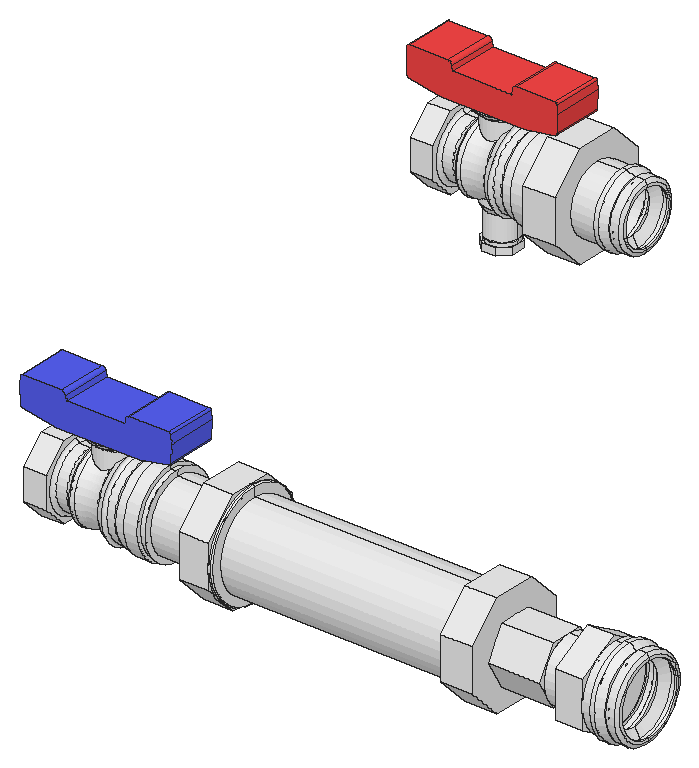
Revit family "R859KX016_017", category Generic Models, Revit 2018
Family settings
  Can host rebar = No
  Round Connector Dimension = Use Diameter
  Part Type = Normal
  Work Plane-Based = No
  Always vertical = Yes
  Cut with Voids When Loaded = No
  Shared = No
  Room Calculation Point = No
Parameters (values of type "R859KX016_3/4" F X 1"M")
  URL = "https://www.giacomini.com/en"
  Model = "R859KX016"
  Material = Giacomini Steel Blue
  Manufacturer = "Giacomini S.p.A."  # constant formula
  Description = "Ball valve, with female-tail piece male threaded connections."  # constant formula
  DN = 19.1 mm
Types (3, lengths in mm): name | Model | Material | DN
  (no name) | "R859KX016" | Giacomini Steel Blue | 19.1
  R859KX017_1" F X 1" M | "R859KX017" | Giacomini Steel Red | 25.4
  R859KX016_3/4" F X 1"M | "R859KX016" | Giacomini Steel Blue | 19.1
Reference planes
  plane 1 "Center (Front/Back)": y = 0
  plane 2: z = 0
  plane 3 "Center (Left/Right)": x = 0
  plane 4: z = 208
Forms (mm)
  Revolve 1, solid, material "Giacomini Stainless Steel"
    sketch origin (0, 0, 208.027) x (1, 0, 0) y (0, 0, 1)
      loop
        line (67.516, 12.969) -> (67.516, 14.151) -> (66.537, 15.905) -> (62.498, 15.905) -> (61.516, 14.205) -> (61.516, 15.355) -> (57.998, 17.305) -> (55.784, 17.305) -> (55.784, 15.487) -> (55.203, 16.068) -> (43.294, 16.102) -> (43.294, 14.375) -> (44.294, 14.375) -> (44.294, 15.36) -> (54.496, 15.36) -> (55.077, 14.78) -> (56.516, 14.775) -> (56.516, 16.305) -> (57.74, 16.305) -> (60.516, 14.766) -> (60.516, 10.473) -> (63.075, 14.905) -> (65.95, 14.905) -> (66.516, 13.891) -> (66.516, 12.969) -> (67.516, 12.969)
      axis (43.294, 0) -> (67.516, 0)
    angle from 0 to 360
  Revolve 2, solid, material "Giacomini Stainless Steel"
    sketch origin (0, 0, 208.027) x (1, 0, 0) y (0, 0, 1)
      loop
        line (27.794, 19.673) -> (26.784, 18.663) -> (24.226, 18.6) -> (24.226, 20.279) -> (17.776, 20.297) -> (17.776, 19.105) -> (13.09, 19.105)
        arc (13.09, 19.105) -> (12.553, 18.627) -> (11.854, 18.455) r 1.5
        line (11.854, 18.455) -> (8.078, 18.455)
        arc (8.078, 18.455) -> (7.086, 18.864) -> (6.676, 19.855) r 1.4
        line (6.676, 19.855) -> (3.837, 18.402) -> (2.047, 16.492)
        spline (2.047, 16.492) -> (1.18, 16.224) -> (0.298, 16.009) -> (-0.596, 15.852) -> (-1.499, 15.759) -> (-2.406, 15.731) -> (-3.313, 15.771) -> (-4.214, 15.876) -> (-5.106, 16.044) -> (-5.985, 16.269) -> (-6.85, 16.546) -> (-7.698, 16.869) -> (-8.53, 17.233)
        line (-8.53, 17.233) -> (-10.611, 17.306) -> (-11.324, 16.935)
        arc (-11.324, 16.935) -> (-11.431, 16.398) -> (-11.735, 15.944) r 1.4
        line (-11.735, 15.944) -> (-12.596, 15.083)
        arc (-12.596, 15.083) -> (-13.569, 14.433) -> (-14.717, 14.205) r 3
        line (-14.717, 14.205) -> (-20.011, 14.205)
        arc (-20.011, 14.205) -> (-21.03, 15.131) -> (-21.407, 16.455) r 2.511
        line (-21.407, 16.455) -> (-21.407, 0) -> (27.794, 0) -> (27.794, 19.673)
      axis (-21.407, 0) -> (27.794, 0)
    angle from 0 to 360
  Extrusion 3, solid, material "Giacomini Steel Red"
    sketch origin (0, 0, 208.027) x (1, 0, 0) y (0, 0, 1)
      loop
        arc (-37.542, 42.955) -> (-38.224, 42.686) -> (-38.54, 42.024) r 1
        line (-38.54, 42.024) -> (-38.824, 37.955) -> (-38.533, 29.617)
        arc (-38.533, 29.617) -> (-38.288, 28.996) -> (-37.707, 28.667) r 1
        line (-37.707, 28.667) -> (-23.703, 26.198)
        arc (-23.703, 26.198) -> (-22.319, 26.015) -> (-20.924, 25.955) r 16
        line (-20.924, 25.955) -> (16.276, 25.955)
        arc (16.276, 25.955) -> (17.67, 26.015) -> (19.054, 26.198) r 16
        line (19.054, 26.198) -> (33.059, 28.667)
        arc (33.059, 28.667) -> (33.64, 28.996) -> (33.885, 29.617) r 1
        line (33.885, 29.617) -> (34.176, 37.955) -> (33.891, 42.024)
        arc (33.891, 42.024) -> (33.576, 42.686) -> (32.894, 42.955) r 1
        line (32.894, 42.955) -> (14.236, 42.953)
        arc (14.236, 42.953) -> (12.886, 42.447) -> (12.201, 41.179) r 2.054
        line (12.201, 41.179) -> (11.93, 38.955) -> (-16.475, 38.955) -> (-16.849, 41.179)
        arc (-16.849, 41.179) -> (-17.525, 42.448) -> (-18.869, 42.955) r 2.037
        line (-18.869, 42.955) -> (-37.542, 42.955)
    from -12.042 to 12.05
  Revolve 4, solid, material "Giacomini Stainless Steel"
    sketch origin (0, 0, 208.027) x (1, 0, 0) y (0, 0, 1)
      loop
        arc (-14.224, 24.932) -> (-14.09, 24.432) -> (-13.724, 24.066) r 1
        line (-13.724, 24.066) -> (-12.074, 23.113)
        arc (-12.074, 23.113) -> (-11.525, 22.564) -> (-11.324, 21.814) r 1.5
        line (-11.324, 21.814) -> (-11.324, -16.935) -> (-9.824, -19.335) -> (-9.824, -31.145) -> (-9.032, -31.642) -> (-9.824, -31.642) -> (-9.824, -33.145) -> (-2.324, -33.145) -> (-2.324, 25.955) -> (-14.224, 25.955) -> (-14.224, 24.932)
      axis (-2.324, -33.145) -> (-2.324, 25.955)
    angle from 0 to 360
  Extrusion 5, solid, material "Giacomini Stainless Steel"
    sketch origin (0, 0, 208.027) x (0, 1, 0) y (0, 0, 1)
      loop
        circle (0, -0.027) r 16
      loop
        line (-18, -7.483) -> (-7.456, -18.027) -> (7.456, -18.027) -> (18, -7.483) -> (18, 7.429) -> (7.456, 17.973) -> (-7.456, 17.973) -> (-18, 7.429) -> (-18, -7.483)
    from -32.247 to -21.407
  Extrusion 6, solid, material "Giacomini Stainless Steel"
    sketch origin (0, 0, 208.027) x (0, 1, 0) y (0, 0, 1)
      loop
        line (-25, -9.868) -> (-10.355, -24.513) -> (10.355, -24.513) -> (25, -9.868) -> (25, 10.843) -> (10.355, 25.487) -> (-10.355, 25.487) -> (-25, 10.843) -> (-25, -9.868)
      loop
        circle (0, -0.007) r 16
    from 27.821 to 43.294
  Extrusion 7, solid, material "Giacomini Stainless Steel"
    sketch origin (0.469, 0, 208.027) x (1, 0, 0) y (0, 1, 0)
      loop
        line (5.103, 3.314) -> (0.416, 8) -> (-6.211, 8) -> (-10.897, 3.314) -> (-10.897, -3.314) -> (-6.211, -8) -> (0.416, -8) -> (5.103, -3.314) -> (5.103, 3.314)
    from -36.455 to -33.145
Dimensions and locks
  plane 4 to plane 2 = 208 mm
  aligned and locked: level to plane 2
  aligned and locked: plane 1 "Center (Front/Back)" to nested 1
Nested families
  nested 1: "R859KX017_LONG" at (-186.5, 0, 0), type "R859KX016_Hot"
Connectors
  piping at (-32.247, 0, 208), diameter 19.1, driven by "DN"
    settings: on Extrusion 5, index 1, connector inside diameter 609.6 mm, connector length 0 mm, flow factor 0, pipe flow 0.0 L/s, pressure drop 0.0 Pa, fitting loss kfactor 0, connector angle 0.00°, fixture units 0, engagement length 0 mm, angle of deflection 0.00°, flow configuration 0, flow direction 1, fitting loss method 0, system type 7, joint type 0, gender type 0, connector reference index -1, connector utility 0, adjustable connector no, is connector primary yes, connector description ""
  piping at (67.516, 0, 208.027), diameter 25.4
    settings: on Revolve 1, index 2, connector inside diameter 609.6 mm, connector length 0 mm, flow factor 0, pipe flow 0.0 L/s, pressure drop 0.0 Pa, fitting loss kfactor 0, connector angle 0.00°, fixture units 0, engagement length 0 mm, angle of deflection 0.00°, flow configuration 0, flow direction 2, fitting loss method 0, system type 7, joint type 0, gender type 0, connector reference index -1, connector utility 0, adjustable connector no, is connector primary no, connector description ""
  piping at (-218.747, 0, -0.027), diameter 19.1, driven by "DN"
    settings: on nested 1, index 3, connector inside diameter 609.6 mm, connector length 0 mm, flow factor 0, pipe flow 0.0 L/s, pressure drop 0.0 Pa, fitting loss kfactor 0, connector angle 0.00°, fixture units 0, engagement length 0 mm, angle of deflection 0.00°, flow configuration 0, flow direction 2, fitting loss method 0, system type 8, joint type 0, gender type 0, connector reference index -1, connector utility 0, adjustable connector no, is connector primary no, connector description ""
  piping at (68.516, 0, 0), diameter 25.4
    settings: on nested 1, index 4, connector inside diameter 609.6 mm, connector length 0 mm, flow factor 0, pipe flow 0.0 L/s, pressure drop 0.0 Pa, fitting loss kfactor 0, connector angle 0.00°, fixture units 0, engagement length 0 mm, angle of deflection 0.00°, flow configuration 0, flow direction 1, fitting loss method 0, system type 8, joint type 0, gender type 0, connector reference index -1, connector utility 0, adjustable connector no, is connector primary no, connector description ""
Definition of nested family "R859KX017_LONG"
  Parameters (values of type "R859KX016_Cold")
    Material = none
  Types (3): name
    (no name)
    R859KX016_Hot
    R859KX016_Cold
  Reference planes
    plane 1 "Center (Front/Back)": y = 0
    plane 2: z = 0
    plane 3 "Center (Left/Right)": x = 0
  Forms (mm)
    Revolve 1, solid
      sketch origin (187.5, 0, 0) x (1, 0, 0) y (0, 0, 1)
        loop
          line (67.516, 16.719) -> (67.516, 17.901) -> (66.537, 19.655) -> (62.498, 19.655) -> (61.516, 17.955) -> (61.516, 19.105) -> (57.998, 21.055) -> (55.784, 21.055) -> (55.784, 19.237) -> (55.203, 19.818) -> (50.95, 19.83) -> (50.95, 18.125) -> (51.95, 18.125) -> (51.95, 19.11) -> (54.496, 19.11) -> (55.077, 18.53) -> (56.516, 18.525) -> (56.516, 20.055) -> (57.74, 20.055) -> (60.516, 18.516) -> (60.516, 14.223) -> (63.075, 18.655) -> (65.95, 18.655) -> (66.516, 17.641) -> (66.516, 16.719) -> (67.516, 16.719)
        axis (50.95, 0) -> (67.516, 0)
      angle from 0 to 360
    Revolve 2, solid
      sketch origin (0, 0, 0) x (1, 0, 0) y (0, 0, 1)
        loop
          line (27.794, 19.673) -> (26.784, 18.663) -> (24.226, 18.6) -> (24.226, 20.279) -> (17.776, 20.297) -> (17.776, 19.105) -> (13.09, 19.105)
          arc (13.09, 19.105) -> (12.553, 18.627) -> (11.854, 18.455) r 1.5
          line (11.854, 18.455) -> (8.078, 18.455)
          arc (8.078, 18.455) -> (7.086, 18.864) -> (6.676, 19.855) r 1.4
          line (6.676, 19.855) -> (3.837, 18.402) -> (2.047, 16.492)
          spline (2.047, 16.492) -> (1.18, 16.224) -> (0.298, 16.009) -> (-0.596, 15.852) -> (-1.499, 15.759) -> (-2.406, 15.731) -> (-3.313, 15.771) -> (-4.214, 15.876) -> (-5.106, 16.044) -> (-5.985, 16.269) -> (-6.85, 16.546) -> (-7.698, 16.869) -> (-8.53, 17.233)
          line (-8.53, 17.233) -> (-10.611, 17.306) -> (-11.324, 16.935)
          arc (-11.324, 16.935) -> (-11.431, 16.398) -> (-11.735, 15.944) r 1.4
          line (-11.735, 15.944) -> (-12.596, 15.083)
          arc (-12.596, 15.083) -> (-13.569, 14.433) -> (-14.717, 14.205) r 3
          line (-14.717, 14.205) -> (-20.011, 14.205)
          arc (-20.011, 14.205) -> (-21.03, 15.131) -> (-21.407, 16.455) r 2.511
          line (-21.407, 16.455) -> (-21.407, 0) -> (48.545, 0) -> (48.545, 17.007) -> (27.794, 17.007) -> (27.794, 19.673)
        axis (48.545, 0) -> (-21.407, 0)
      angle from 0 to 360
    Extrusion 3, solid
      sketch origin (0, 0, 0) x (1, 0, 0) y (0, 0, 1)
        loop
          arc (-37.542, 42.955) -> (-38.224, 42.686) -> (-38.54, 42.024) r 1
          line (-38.54, 42.024) -> (-38.824, 37.955) -> (-38.533, 29.617)
          arc (-38.533, 29.617) -> (-38.288, 28.996) -> (-37.707, 28.667) r 1
          line (-37.707, 28.667) -> (-23.703, 26.198)
          arc (-23.703, 26.198) -> (-22.319, 26.015) -> (-20.924, 25.955) r 16
          line (-20.924, 25.955) -> (16.276, 25.955)
          arc (16.276, 25.955) -> (17.67, 26.015) -> (19.054, 26.198) r 16
          line (19.054, 26.198) -> (33.059, 28.667)
          arc (33.059, 28.667) -> (33.64, 28.996) -> (33.885, 29.617) r 1
          line (33.885, 29.617) -> (34.176, 37.955) -> (33.891, 42.024)
          arc (33.891, 42.024) -> (33.576, 42.686) -> (32.894, 42.955) r 1
          line (32.894, 42.955) -> (14.236, 42.953)
          arc (14.236, 42.953) -> (12.886, 42.447) -> (12.201, 41.179) r 2.054
          line (12.201, 41.179) -> (11.93, 38.955) -> (-16.475, 38.955) -> (-16.849, 41.179)
          arc (-16.849, 41.179) -> (-17.525, 42.448) -> (-18.869, 42.955) r 2.037
          line (-18.869, 42.955) -> (-37.542, 42.955)
      from -12.042 to 12.05
    Revolve 4, solid
      sketch origin (0, 0, 0) x (1, 0, 0) y (0, 0, 1)
        loop
          arc (-14.224, 24.932) -> (-14.09, 24.432) -> (-13.724, 24.066) r 1
          line (-13.724, 24.066) -> (-12.074, 23.113)
          arc (-12.074, 23.113) -> (-11.525, 22.564) -> (-11.324, 21.814) r 1.5
          line (-11.324, 21.814) -> (-11.324, 0) -> (-2.324, 0) -> (-2.324, 25.955) -> (-14.224, 25.955) -> (-14.224, 24.932)
        axis (-2.324, 25.955) -> (-2.324, 0)
      angle from 0 to 360
    Extrusion 5, solid
      sketch origin (0, 0, 0) x (0, 1, 0) y (0, 0, 1)
        loop
          circle (0, -0.027) r 16
        loop
          line (-18, -7.483) -> (-7.456, -18.027) -> (7.456, -18.027) -> (18, -7.483) -> (18, 7.429) -> (7.456, 17.973) -> (-7.456, 17.973) -> (-18, 7.429) -> (-18, -7.483)
      from -32.247 to -21.407
    Extrusion 6, solid
      sketch origin (0, 0, 0) x (0, 1, 0) y (0, 0, 1)
        loop
          line (-25, -9.868) -> (-10.355, -24.513) -> (10.355, -24.513) -> (25, -9.868) -> (25, 10.843) -> (10.355, 25.487) -> (-10.355, 25.487) -> (-25, 10.843) -> (-25, -9.868)
        loop
          circle (0, -0.007) r 16
      from 48.545 to 62.571
    Revolve 7, solid
      sketch origin (0, 0, 0) x (1, 0, 0) y (0, 0, 1)
        loop
          line (62.571, 25.487) -> (62.571, 0) -> (174.55, 0) -> (174.55, 20.703) -> (64.55, 20.703) -> (64.55, 24.93) -> (63.993, 25.487) -> (62.571, 25.487)
        axis (62.571, 0) -> (174.55, 0)
      angle from 0 to 360
    Extrusion 8, solid
      sketch origin (126.004, 0, 0) x (0, 1, 0) y (0, 0, 1)
        loop
          line (-25, -9.868) -> (-10.355, -24.513) -> (10.355, -24.513) -> (25, -9.868) -> (25, 10.843) -> (10.355, 25.487) -> (-10.355, 25.487) -> (-25, 10.843) -> (-25, -9.868)
        loop
          circle (0, -0.007) r 14
      from 48.545 to 63.996
    Extrusion 9, solid
      sketch origin (0, 0, 0) x (0, 1, 0) y (0, 0, 1)
        loop
          line (-16, 0) -> (-8, -13.856) -> (8, -13.856) -> (16, 0) -> (8, 13.856) -> (-8, 13.856) -> (-16, 0)
      from 190 to 215.309
    Revolve 10, solid
      sketch origin (0, 0, 0) x (1, 0, 0) y (0, 0, 1)
        loop
          line (215.309, 13.856) -> (215.309, 0) -> (225.296, 0) -> (225.296, 14.846) -> (216.747, 15.294)
          arc (216.747, 15.294) -> (216.151, 14.452) -> (215.309, 13.856) r 3.044
        axis (215.309, 0) -> (225.296, 0)
      angle from 0 to 360
    Extrusion 11, solid
      sketch origin (0, 0, 0) x (0, 1, 0) y (0, 0, 1)
        loop
          line (-19, -10.97) -> (0, -21.939) -> (19, -10.97) -> (19, 10.97) -> (0, 21.939) -> (-19, 10.97) -> (-19, -10.97)
      from 225.296 to 238.45
  Cuts and joins
    joined: Revolve 2, Revolve 4
  Dimensions and locks
    Extrusion 9 to Extrusion 9 = 25.309 mm
    aligned and locked: level to plane 2
